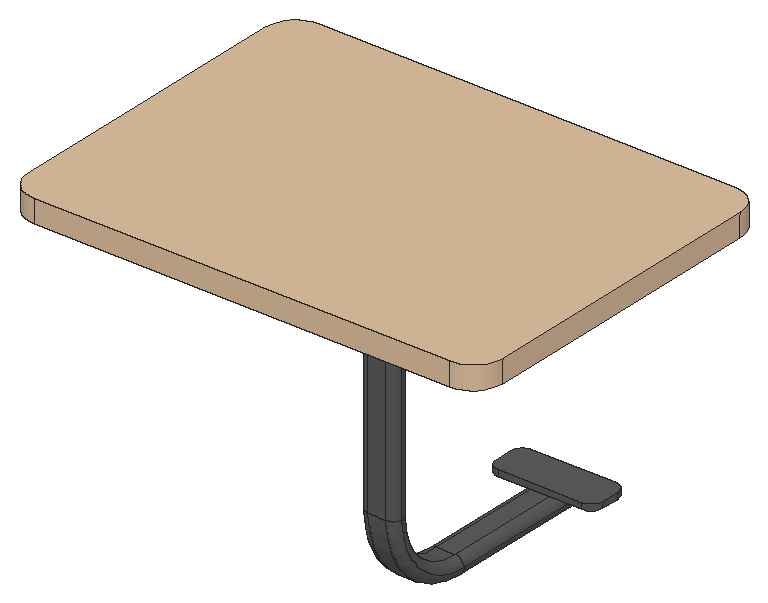
Revit family "FU_Bench_Sandler_Plania_PL93000", category Furniture, Revit 2020
Family settings
  OmniClass Number = 23.40.20.00
  OmniClass Title = General Furniture and Specialties
  Work Plane-Based = No
  Always vertical = Yes
  Cut with Voids When Loaded = No
  Shared = No
  Room Calculation Point = No
Parameters (values of type "PL93000")
  Width = 400 mm
  URL = "https://www.sandlerseating.com/product/pl93000/"
  Type Comments = "Plania detachable Side Table"
  Top Finish = Wood - Oak - Natural - V
  Model = "PL93000"
  Manufacturer = "Sandler"
  Frame Finish = Epoxy - M1_B00 - Black
  Elevation = 655 mm
  Depth = 300 mm
  Default Elevation = 0 mm
Types (2, lengths in mm): name | Width | Elevation | Depth
  (no name) | 430 | 420 | 480
  PL93000 | 400 | 655 | 300
Reference planes
  plane 1 "Center (Front/Back)": y = 0
  plane 2: z = 0
  plane 3 "Center (Left/Right)": x = 0
  plane 4 "Right": x = -200
  plane 5 "Left": x = 200
  plane 6 "Back": y = 150
  plane 7 "Front": y = -150
  plane 8 "Elevation": z = 655
  plane 9 "Top Thickness": z = 636
  plane 10: z = 348.5
  plane 11 "Top Fixing Bracket": z = 361
Forms (mm)
  Extrusion 1, solid, material "Wood - Oak - Natural - V" <- "Top Finish"
    sketch origin (0, 0, 636) x (-1, 0, 0) y (0, -1, 0)
      loop
        arc (175, -150) -> (192.678, -142.678) -> (200, -125) r 25
        line (200, -125) -> (200, 125)
        arc (200, 125) -> (192.678, 142.678) -> (175, 150) r 25
        line (175, 150) -> (-175, 150)
        arc (-175, 150) -> (-192.678, 142.678) -> (-200, 125) r 25
        line (-200, 125) -> (-200, -125)
        arc (-200, -125) -> (-192.678, -142.678) -> (-175, -150) r 25
        line (-175, -150) -> (175, -150)
    from 0 to 19
  Sweep 2, solid, material "Epoxy - M1_B00 - Black" <- "Frame Finish"
    path origin (0, 0, 0) x (0, 1, 0) y (0, 0, 1)
      loop
        line (197.5, 348.5) -> (65, 348.5)
        arc (65, 348.5) -> (19.038, 367.538) -> (0, 413.5) r 65
        line (0, 413.5) -> (0, 638)
    profile "Pro_Lozenge : W30xH15" origin (0, 131.25, 348.5) x (0, 0, -1) y (1, 0, 0)
      loop
        arc (-7.48, -7.6) -> (-5.285, -12.864) -> (0, -15.01) r 7.41
        arc (0, -15.01) -> (5.285, -12.864) -> (7.48, -7.6) r 7.41
        line (7.48, -7.6) -> (7.48, 7.658)
        arc (7.48, 7.658) -> (5.24, 12.91) -> (-0.07, 15.01) r 7.41
        arc (-0.07, 15.01) -> (-5.31, 12.84) -> (-7.48, 7.6) r 7.41
        line (-7.48, 7.6) -> (-7.48, -7.6)
  Extrusion 3, solid, material "Epoxy - M1_B00 - Black" <- "Frame Finish"
    sketch origin (0, 0, 636) x (-1, 0, 0) y (0, -1, 0)
      loop
        arc (89, -24) -> (96.071, -21.071) -> (99, -14) r 10
        line (99, -14) -> (99, 14)
        arc (99, 14) -> (96.071, 21.071) -> (89, 24) r 10
        line (89, 24) -> (-89, 24)
        arc (-89, 24) -> (-96.071, 21.071) -> (-99, 14) r 10
        line (-99, 14) -> (-99, -14)
        arc (-99, -14) -> (-96.071, -21.071) -> (-89, -24) r 10
        line (-89, -24) -> (89, -24)
    from 0 to 5
  Extrusion 4, void
    sketch origin (1, -2, 636) x (-1, 0, 0) y (0, -1, 0)
      loop
        arc (92, -28) -> (99.071, -25.071) -> (102, -18) r 10
        line (102, -18) -> (102, 14)
        arc (102, 14) -> (99.071, 21.071) -> (92, 24) r 10
        line (92, 24) -> (-90, 24)
        arc (-90, 24) -> (-97.071, 21.071) -> (-100, 14) r 10
        line (-100, 14) -> (-100, -18)
        arc (-100, -18) -> (-97.071, -25.071) -> (-90, -28) r 10
        line (-90, -28) -> (92, -28)
    from -3 to 5
  Extrusion 5, solid, material "Epoxy - M1_B00 - Black" <- "Frame Finish"
    sketch origin (0, 0, 361) x (-1, 0, 0) y (0, -1, 0)
      loop
        arc (35, -199.5) -> (42.071, -196.571) -> (45, -189.5) r 10
        line (45, -189.5) -> (45, -174.5)
        arc (45, -174.5) -> (42.071, -167.429) -> (35, -164.5) r 10
        line (35, -164.5) -> (-35, -164.5)
        arc (-35, -164.5) -> (-42.071, -167.429) -> (-45, -174.5) r 10
        line (-45, -174.5) -> (-45, -189.5)
        arc (-45, -189.5) -> (-42.071, -196.571) -> (-35, -199.5) r 10
        line (-35, -199.5) -> (35, -199.5)
    from 0 to -5
Cuts and joins
  Extrusion 4 cuts Extrusion 1
  joined: Sweep 2, Extrusion 3
Dimensions and locks
  equal spacing: plane 4 "Right", plane 3 "Center (Left/Right)", plane 5 "Left"
  "Width": plane 4 "Right" to plane 5 "Left"
  equal spacing: plane 6 "Back", plane 1 "Center (Front/Back)", plane 7 "Front"
  "Depth": plane 6 "Back" to plane 7 "Front"
  "Elevation": plane 8 "Elevation" to level
  plane 9 "Top Thickness" to level = 636 mm
  plane 8 "Elevation" to plane 9 "Top Thickness" = 19 mm
  aligned and locked: level to plane 2
  aligned and locked: plane 4 "Right" to Extrusion 1
  aligned and locked: Extrusion 1 to plane 5 "Left"
  aligned and locked: Extrusion 1 to plane 9 "Top Thickness"
  aligned and locked: plane 8 "Elevation" to Extrusion 1
  aligned and locked: Extrusion 3 to plane 9 "Top Thickness"
Automatic sketch dimensions
  Extrusion 1 sketch curve to plane 6 "Back" = 0 mm
  Extrusion 1 sketch curve to plane 7 "Front" = 0 mm
  plane 7 "Front" to Extrusion 1 sketch curve = 25 mm
  plane 5 "Left" to Extrusion 1 sketch curve = 0 mm
  Extrusion 1 sketch curve to Extrusion 1 sketch curve = 25 mm
  Extrusion 1 sketch curve to plane 4 "Right" = 25 mm  (x2)
  Extrusion 1 sketch curve to plane 6 "Back" = 25 mm
  Sweep 2 sketch curve to plane 1 "Center (Front/Back)" = 0 mm
  Sweep 2 sketch curve to plane 10 = 0 mm
  Sweep 2 sketch curve to Sweep 2 sketch curve = 65 mm
  plane 6 "Back" to Sweep 2 sketch curve = 47.5 mm
  plane 9 "Top Thickness" to Sweep 2 sketch curve = 2 mm
  plane 1 "Center (Front/Back)" to Extrusion 3 sketch curve = 14 mm  (x2)
  plane 3 "Center (Left/Right)" to Extrusion 3 sketch curve = 99 mm
  Extrusion 3 sketch curve to Extrusion 3 sketch curve = 10 mm  (x3)
  Extrusion 3 sketch curve to plane 3 "Center (Left/Right)" = 89 mm
  Extrusion 3 sketch curve to plane 1 "Center (Front/Back)" = 14 mm
  plane 1 "Center (Front/Back)" to Extrusion 4 sketch curve = 16 mm  (x2)
  plane 3 "Center (Left/Right)" to Extrusion 4 sketch curve = 101 mm
  Extrusion 4 sketch curve to Extrusion 4 sketch curve = 10 mm  (x3)
  Extrusion 4 sketch curve to plane 4 "Right" = 109 mm
  Extrusion 4 sketch curve to plane 1 "Center (Front/Back)" = 16 mm
  plane 6 "Back" to Extrusion 5 sketch curve = 24.5 mm
  plane 3 "Center (Left/Right)" to Extrusion 5 sketch curve = 45 mm
  Extrusion 5 sketch curve to Extrusion 5 sketch curve = 10 mm  (x3)
  Extrusion 5 sketch curve to plane 3 "Center (Left/Right)" = 35 mm
  Extrusion 5 sketch curve to Extrusion 5 sketch curve = 0 mm
  Extrusion 5 sketch curve to Extrusion 5 sketch curve = 15 mm
